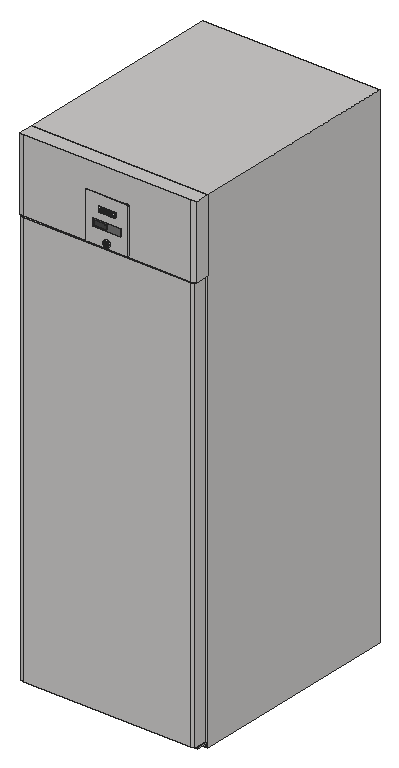
Revit family "QF_ZANUSSI_110888_ZRI093RE1FR", category Specialty Equipment, Revit 2018
Family settings
  Round Connector Dimension = Use Diameter
  Part Type = Normal
  Work Plane-Based = No
  Always vertical = Yes
  Cut with Voids When Loaded = No
  Shared = No
  Room Calculation Point = No
Parameters (values of type "Standard")
  Weight = 133.00 kg
  Watts = 12.0774 W
  Volts = 220 V
  URL Manufacturer = "http://www.zanussiprofessional.com"
  URL = "http://www.zanussiprofessional.com"
  Steam Supply Size = 0 mm
  Steam Supply Minimum Pressure = 0.0 Pa
  Steam Supply Maximum Pressure = 0.0 Pa
  Steam Pounds per Hour = 0
  Refrigeration Suction Line Size = 0.032 mm
  Refrigeration Liquid Line Size = 0.02 mm
  Refrigerant Compressor Remote = yes
  Manufacturer = "Zanussi"
  Phase = 1
  Model = "ZRI093RE1FR"
  Length Actual = 750 mm  # constant formula
  Item Number = "110888"
  Hot Water Size = 0 mm
  Height Actual = 2111 mm  # constant formula
  HP = "0.2 HP"
  Gas Size = 0 mm
  Gas KW = 0
  Gas Input Pressure = 0 W
  Description = "1-DOOR ROLL-IN REFRIGERATOR 930LT 0/+10°C REMOTE"
  Depth Actual = 986 mm  # constant formula
  Cycle = 60 Hz
  Condensate Return Size = 0 mm
  Compressed Air Volume = 0.0 L/s
  Compressed Air Size = 0 mm
  Compressed Air Pressure = 0.0 Pa
  Cold Water Size = 0 mm
  Accessory = yes
Types (2, lengths in mm): name | URL | Manufacturer | Phase | Model | Description
  (no name) | 0 | 0 | 0 | 0 | 0
  Standard | "http://www.zanussiprofessional.com" | "Zanussi" | 1 | "ZRI093RE1FR" | "1-DOOR ROLL-IN REFRIGERATOR 930LT 0/+10°C REMOTE"
Values of the unnamed type that differ from the named types
  Watts = 0 W
  Volts = 0 V
  URL Manufacturer = ""
  Item Number = ""
  HP = ""
  Cycle = 0 Hz
Reference planes
  plane 1 "Center (Front/Back)": y = 0
  plane 2: z = 0
  plane 3 "Center (Left/Right)": x = 0
  plane 4 "TOP": z = 2111
  plane 5 "FRONT": y = -493
  plane 6 "BACK": y = 493
  plane 7 "LEFT": x = -375
  plane 8 "RIGHT": x = 375
  plane 9 "ROy": y = 241
  plane 10 "RIy": y = 270
  plane 11 "ROx": x = 135
  plane 12 "RIx": x = 208
  plane 13 "ROz": z = 2004
Forms (mm)
  Extrusion 1, solid, material "QF_Finishes_Stainless Steel"
    sketch origin (0, 0, 0) x (1, 0, 0) y (0, 1, 0)
      loop
        line (-375, 493) -> (-375, -421) -> (375, -421) -> (375, 493) -> (-375, 493)
    from 0 to 2111
  Extrusion 2, solid
    sketch origin (0, 493, 1872) x (-1, 0, 0) y (0, 0, 1)
      loop
        circle (359, 144) r 10
    from 0 to 3.2
  Extrusion 3, solid, material "QF_Clearances", detail levels coarse
    sketch origin (0, 0, 0) x (1, 0, 0) y (0, 1, 0)
      loop
        line (-375, -493) -> (-375, 493) -> (375, 493) -> (375, -493) -> (425, -493) -> (425, 543) -> (-425, 543) -> (-425, -493) -> (-375, -493)
    from 0 to 2111
  Extrusion 4, solid, material "QF_Clearances", detail levels coarse
    sketch origin (0, 0, 2111) x (-1, 0, 0) y (0, -1, 0)
      loop
        line (425, -543) -> (425, 493) -> (-425, 493) -> (-425, -543) -> (425, -543)
    from 0 to 500
  Extrusion 5, void
    sketch origin (0, 493, 0) x (-1, 0, 0) y (0, 0, 1)
      loop
        line (315, 1723.5) -> (-315, 1723.5) -> (-315, 5) -> (315, 5) -> (315, 1723.5)
    from -59 to -914
  Extrusion 6, solid, material "QF_Finishes_Stainless Steel"
    sketch origin (0, 0, 2111) x (-1, 0, 0) y (0, -1, 0)
      loop
        circle (-208, -270) r 3
    from -213 to -103
  Extrusion 7, solid, material "QF_Finishes_Stainless Steel"
    sketch origin (0, 0, 0) x (0, 1, 0) y (0, 0, 1)
      loop
        circle (241, 2004) r 4.9
    from 157.649 to 134
Cuts and joins
  joined: Extrusion 3, Extrusion 4
  Extrusion 5 cuts Extrusion 1
Lines and regions (mm)
  symbolic lines, style "QF_Clearances", detail levels coarse
    curve 1: line (-375, -493, 2111) -> (-425, -493, 2111)
    curve 2: line (-425, -493, 2111) -> (-425, 543, 2111)
    curve 3: line (-425, 543, 2111) -> (425, 543, 2111)
    curve 4: line (425, 543, 2111) -> (425, -493, 2111)
    curve 5: line (425, -493, 2111) -> (375, -493, 2111)
Dimensions and locks
  plane 6 "BACK" to plane 1 "Center (Front/Back)" to plane 5 "FRONT" = 493 mm, 493 mm
  equal spacing: plane 7 "LEFT", plane 3 "Center (Left/Right)", plane 8 "RIGHT"
  plane 7 "LEFT" to plane 8 "RIGHT" = 750 mm
  plane 6 "BACK" to plane 5 "FRONT" = 986 mm
  plane 4 "TOP" to plane 2 = 2111 mm
  equal spacing: plane 8 "RIGHT", plane 3 "Center (Left/Right)", plane 7 "LEFT"
  plane 6 "BACK" to nested 1 = 1664 mm
  cut or joined group of Extrusion 1, Extrusion 5 to cut or joined group of Extrusion 1, Extrusion 5 = 630 mm
  cut or joined group of Extrusion 1, Extrusion 5 to cut or joined group of Extrusion 1, Extrusion 5 = 855 mm
  plane 6 "BACK" to plane 10 "RIy" = 223 mm
  plane 6 "BACK" to plane 9 "ROy" = 252 mm
  plane 12 "RIx" to cut or joined group of Extrusion 1, Extrusion 5 = 167 mm
  plane 11 "ROx" to plane 12 "RIx" = 73 mm
  cut or joined group of Extrusion 1, Extrusion 5 to plane 13 "ROz" = 107 mm
  cut or joined group of Extrusion 3, Extrusion 4 to plane 4 "TOP" = 500 mm
  nested 1 to cut or joined group of Extrusion 1, Extrusion 5 = 980 mm
  nested 1 to nested 1 = 16 mm
  cut or joined group of Extrusion 3, Extrusion 4 to cut or joined group of Extrusion 1, Extrusion 5 = 50 mm
  cut or joined group of Extrusion 3, Extrusion 4 to plane 7 "LEFT" = 50 mm
  cut or joined group of Extrusion 1, Extrusion 5 to cut or joined group of Extrusion 3, Extrusion 4 = 50 mm
  plane 4 "TOP" to plane 13 "ROz" = 107 mm
  aligned and locked: level to plane 2
Automatic sketch dimensions
  plane 7 "LEFT" to Extrusion 2 sketch curve = 16 mm
  Extrusion 4 sketch curve to plane 5 "FRONT" = 0 mm
  Extrusion 4 sketch curve to plane 8 "RIGHT" = 50 mm
  Extrusion 4 sketch curve to plane 7 "LEFT" = 50 mm
  plane 6 "BACK" to Extrusion 4 sketch curve = 50 mm
  Extrusion 1 sketch curve to plane 7 "LEFT" = 0 mm
  Extrusion 1 sketch curve to plane 8 "RIGHT" = 0 mm
  Extrusion 1 sketch curve to plane 6 "BACK" = 0 mm
  plane 5 "FRONT" to Extrusion 1 sketch curve = 72 mm
  Extrusion 2 sketch curve to plane 4 "TOP" = 95 mm
  Extrusion 3 sketch curve to plane 5 "FRONT" = 0 mm  (x2)
  Extrusion 3 sketch curve to plane 7 "LEFT" = 0 mm
  Extrusion 3 sketch curve to plane 6 "BACK" = 0 mm
  Extrusion 3 sketch curve to plane 8 "RIGHT" = 0 mm
  Extrusion 3 sketch curve to plane 7 "LEFT" = 50 mm
  Extrusion 3 sketch curve to plane 8 "RIGHT" = 50 mm
  plane 6 "BACK" to Extrusion 3 sketch curve = 50 mm
  level to Extrusion 5 sketch curve = 5 mm
  plane 8 "RIGHT" to Extrusion 5 sketch curve = 60 mm
  plane 7 "LEFT" to Extrusion 5 sketch curve = 60 mm
  Extrusion 5 sketch curve to plane 4 "TOP" = 387.5 mm
  Extrusion 6 sketch curve to plane 10 "RIy" = 0 mm
  Extrusion 6 sketch curve to plane 12 "RIx" = 0 mm
  Extrusion 7 sketch curve to plane 9 "ROy" = 0 mm
  Extrusion 7 sketch curve to plane 13 "ROz" = 0 mm
  curve 4 to plane 5 "FRONT" = 0 mm
  curve 5 to plane 8 "RIGHT" = 0 mm
  curve 1 to plane 5 "FRONT" = 0 mm
  curve 1 to plane 7 "LEFT" = 0 mm
  curve 4 to plane 8 "RIGHT" = 50 mm
  curve 2 to plane 7 "LEFT" = 50 mm
  plane 6 "BACK" to curve 4 = 50 mm
  radius of Extrusion 2 sketch curve = 10 mm
  radius of Extrusion 6 sketch curve = 3 mm
  radius of Extrusion 7 sketch curve = 4.9 mm
Nested families
  nested 1: "QF_110888_Door" at (0, -421, 1060.5) x (1, 0, 0) z (0, -1, 0), type "QF_110888_Door"
    with Show Clearance yes
  nested 2: "Refrigerator" at (370, -442.5, 110), type "Refrigerator"
Connectors
  electrical at (-359, 496.2, 2016), driven by "Volts"
    settings: on Extrusion 2, index 2, voltage 220 V, apparent load 0 VA, apparent load phase1 0 VA, apparent load phase2 0 VA, apparent load phase3 0 VA, power factor 1, load classification "Other", number of poles 1, system type 30, power factor state 1, is connector primary yes, connector utility no, sub classification motor no, connector description "Electrical Connection"
  piping at (208, 270, 2008), diameter 6
    settings: on Extrusion 6, index 3, connector inside diameter 609.6 mm, connector length 0 mm, flow factor 0, pipe flow 0.0 L/s, pressure drop 0.0 Pa, fitting loss kfactor 0, connector angle 0.00°, fixture units 0, engagement length 0 mm, angle of deflection 0.00°, flow configuration 1, flow direction 1, fitting loss method 0, system type 7, joint type 0, gender type 0, connector reference index -1, connector utility 0, adjustable connector no, is connector primary yes, connector description "Refrigerant Inlet"
  piping at (134, 241, 2004), diameter 9.8
    settings: on Extrusion 7, index 4, connector inside diameter 609.6 mm, connector length 0 mm, flow factor 0, pipe flow 0.0 L/s, pressure drop 0.0 Pa, fitting loss kfactor 0, connector angle 0.00°, fixture units 0, engagement length 0 mm, angle of deflection 0.00°, flow configuration 1, flow direction 2, fitting loss method 0, system type 7, joint type 0, gender type 0, connector reference index -1, connector utility 0, adjustable connector no, is connector primary no, connector description "Refrigerant Outlet"
Definition of nested family "QF_110888_Door"
  Parameters
    Show Clearance [instance] = yes
    Model = "110888"
    Default Elevation = 1219.2 mm
  Reference planes
    plane 1 "Center (Front/Back)": y = 7.5
    plane 2: z = 0
    plane 3 "Center (Left/Right)": x = 0
  Forms (mm)
    Extrusion 1, solid
      sketch origin (0, -919.2, 0) x (1, 0, 0) y (0, 1, 0)
        loop
          line (-740, 2119.2) -> (-740, -324.806) -> (846.344, -324.806) -> (846.344, 2119.2) -> (-740, 2119.2)
      from 0 to -59.546
    Extrusion 2, solid
      sketch origin (0, 7.5, 0) x (1, 0, 0) y (0, 0, 1)
        loop
          line (-375, 60.667) -> (-375, 0) -> (375, 0) -> (375, 60.667) -> (355, 66) -> (-355, 66) -> (-375, 60.667)
      from -1043 to -733
    Extrusion 3, solid
      sketch origin (0, 7.5, 0) x (1, 0, 0) y (0, 0, 1)
        loop
          line (-370, 62) -> (-370, 26) -> (-348, 26) -> (-348, 8) -> (-330, 8) -> (-330, 0) -> (362, 0) -> (362, 8) -> (370, 8) -> (370, 62) -> (355, 66) -> (-355, 66) -> (-370, 62)
      from -726 to 1043
    Extrusion 4, solid
      sketch origin (147, -721.5, 0) x (0, 1, 0) y (0, 0, 1)
        loop
          line (-323.003, 40.312) -> (-316.501, 40.312) -> (-316.501, 42.812) -> (-325.503, 42.812) -> (-325.503, 2.5) -> (-339, 2.5) -> (-339, 0) -> (-323.003, 0) -> (-323.003, 12.259) -> (-323.003, 40.312)
        loop
          line (-314, 38.311) -> (-316.501, 38.311) -> (-316.501, 14.304) -> (-319.752, 14.304) -> (-319.752, 11.804) -> (-314, 11.804) -> (-314, 38.311)
      from 185 to 220
    Extrusion 5, solid
      sketch origin (147, 499.597, 0) x (0, 1, 0) y (0, 0, 1)
        loop
          line (233.903, 27.948) -> (233.903, 2.948) -> (233.903, 0) -> (240.903, 0) -> (240.903, 2.5) -> (236.403, 2.5) -> (236.403, 27.948) -> (233.903, 27.948)
      from 185 to 220
    Extrusion 6, solid, detail levels coarse
      sketch origin (24, 1013.369, -334) x (-1, 0, 0) y (0, 0, -1)
        loop
          line (-367, -352) -> (-367, -1084) -> (-329, -1084) -> (-329, -1062) -> (-311, -1062) -> (-311, -1044) -> (-303, -1044) -> (-303, -400) -> (-351, -400) -> (-351, -352) -> (-367, -352)
      from 2048.869 to 279.869
    Extrusion 7, solid, detail levels coarse
      sketch origin (41, 1123.369, -334) x (1, 0, 0) y (0, 0, 1)
        loop
          line (286, 400) -> (286, 1044) -> (294, 1044) -> (294, 1062) -> (312, 1062) -> (312, 1084)
          arc (312, 1084) -> (-184.675, 884.882) -> (-411, 400) r 727.877
          line (-411, 400) -> (286, 400)
      from 2158.869 to 389.869
  Lines and regions (mm)
    symbolic lines
      curve 1: line (-375, 7.5, 0) -> (-375, 7.5, 60.667)
      curve 2: line (375, 7.5, 0) -> (-375, 7.5, 0)
      curve 3: line (391, 7.5, 18) -> (391, 7.5, 750)
      curve 4: line (327, 7.5, 66) -> (327, 7.5, 710)
      curve 5: line (391, 7.5, 750) -> (353, 7.5, 750)
      curve 6: line (353, 7.5, 728) -> (353, 7.5, 750)
      curve 7: line (335, 7.5, 728) -> (353, 7.5, 728)
      curve 8: line (335, 7.5, 710) -> (335, 7.5, 728)
      curve 9: line (327, 7.5, 710) -> (335, 7.5, 710)
      curve 10: line (375, 7.5, 18) -> (391, 7.5, 18)
      curve 11: arc (353, 7.5, 750) -> (-143.675, 7.5, 550.882) -> (-370, 7.5, 66) r 727.877
      curve 12: line (375, 7.5, 0) -> (375, 7.5, 60.667)
      curve 13: line (-355, 7.5, 66) -> (-375, 7.5, 60.667)
      curve 14: line (355, 7.5, 66) -> (-355, 7.5, 66)
      curve 15: line (375, 7.5, 60.667) -> (355, 7.5, 66)
  Dimensions and locks
    Extrusion 4 to Extrusion 2 = 2111 mm
    Extrusion 3 to Extrusion 3 = 740 mm
    aligned and locked: plane 2 to Extrusion 1
    aligned and locked: level to Extrusion 1
  Nested families
    nested 1: "QF_DisplayNewRollCabinets_ZAN" at (0, 840.5, 66), type "QF_DisplayNewRollCabinets_ZAN"
      with Show Clearance yes
  Definition of nested family "QF_DisplayNewRollCabinets_ZAN"
    Parameters
      Show Clearance [instance] = yes
      Model = "728658"
      Default Elevation = 1219.2 mm
    Reference planes
      plane 1 "Center (Front/Back)": y = 0
      plane 2: z = 0
      plane 3 "Center (Left/Right)": x = 0
    Forms (mm)
      Extrusion 1, solid
        sketch origin (0, -919.2, 0) x (1, 0, 0) y (0, 1, 0)
          loop
            line (-198.75, 1146.2) -> (-198.75, 709.567) -> (165.741, 709.567) -> (165.741, 1146.2) -> (-198.75, 1146.2)
        from 0 to -59.546
      Extrusion 2, solid
        sketch origin (-59, -79.611, 0) x (0, 1, 0) y (-1, 0, 0)
          loop
            circle (0.611, -59) r 14
          loop
            circle (0.611, -59) r 10
        from 1.6 to 6
      Extrusion 3, solid
        sketch origin (744.635, 285.889, 0) x (0, 1, 0) y (-1, 0, 0)
          loop
            circle (-364.889, 744.635) r 10
          loop
            circle (-364.889, 744.635) r 9
        from 1.6 to 6
      Extrusion 4, solid
        sketch origin (744.635, 285.889, 0) x (0, 1, 0) y (-1, 0, 0)
          loop
            circle (-364.889, 744.635) r 8.7
        from 1.6 to 6
      Extrusion 5, void
        sketch origin (744.635, 285.889, 0) x (0, 1, 0) y (-1, 0, 0)
          loop
            line (-372.339, 745.885) -> (-372.339, 743.385) -> (-362.339, 743.385) -> (-362.339, 745.885) -> (-372.339, 745.885)
        from 3 to 7
      Extrusion 6, solid
        sketch origin (0, 0, 0) x (1, 0, 0) y (0, 1, 0)
          loop
            arc (-90, -95) -> (-88.536, -98.536) -> (-85, -100) r 5
            line (-85, -100) -> (85, -100)
            arc (85, -100) -> (88.536, -98.536) -> (90, -95) r 5
            line (90, -95) -> (90, 95)
            arc (90, 95) -> (88.536, 98.536) -> (85, 100) r 5
            line (85, 100) -> (-85, 100)
            arc (-85, 100) -> (-88.536, 98.536) -> (-90, 95) r 5
            line (-90, 95) -> (-90, -95)
          loop
            line (-60, -3.798) -> (-60, -32.827) -> (60, -32.827) -> (60, -3.798) -> (-60, -3.798)
        from 0 to 1.6
      Extrusion 7, solid
        sketch origin (0, 0, 0) x (1, 0, 0) y (0, 1, 0)
          loop
            line (-60, -3.798) -> (-60, -32.827) -> (60, -32.827) -> (60, -3.798) -> (-60, -3.798)
          loop
            line (-56.428, -8.037) -> (-56.428, -28.331) -> (0, -28.331) -> (0, -8.037) -> (-56.428, -8.037)
        from 0 to 1.6
      Extrusion 8, solid
        sketch origin (0, 0, 0) x (1, 0, 0) y (0, 1, 0)
          loop
            line (-56.428, -8.037) -> (-56.428, -28.331) -> (0, -28.331) -> (0, -8.037) -> (-56.428, -8.037)
        from 0 to 1.6
      Extrusion 9, solid
        sketch origin (0, 15, 0) x (1, 0, 0) y (0, 1, 0)
          loop
            line (-24.658, 16.724) -> (-24.658, 20.689) -> (-30.605, 20.689) -> (-24.658, 32.81) -> (-24.658, 36.095) -> (-34.514, 36.095) -> (-34.514, 32.47) -> (-29.303, 32.583) -> (-34.967, 20.689) -> (-34.967, 16.724) -> (-24.658, 16.724)
          loop
            line (-18.968, 23.974) -> (-16.702, 23.974) -> (-17.835, 32.784) -> (-18.968, 23.974)
          loop
            line (-19.988, 16.724) -> (-19.421, 20.462) -> (-16.136, 20.462) -> (-15.57, 16.724) -> (-11.491, 16.724) -> (-15.116, 36.095) -> (-20.554, 36.095) -> (-24.066, 16.724) -> (-19.988, 16.724)
          loop
            line (-10.989, 36.095) -> (-10.989, 16.724) -> (-7.478, 16.724) -> (-7.478, 29.525) -> (-4.192, 16.724) -> (0.113, 16.724) -> (0.113, 36.095) -> (-3.512, 36.095) -> (-3.512, 23.747) -> (-6.798, 36.095) -> (-10.989, 36.095)
          loop
            arc (1.019, 21.515) -> (5.865, 16.692) -> (11.328, 20.802) r 5.22
            line (11.328, 20.802) -> (11.328, 36.095) -> (7.363, 36.095) -> (7.363, 21.708)
            arc (7.363, 21.708) -> (6.321, 20.507) -> (4.984, 21.368) r 1.214
            line (4.984, 21.368) -> (4.984, 36.095) -> (1.019, 36.095) -> (1.019, 21.515)
          loop
            line (18.691, 29.978) -> (22.43, 29.978) -> (22.491, 31.739)
            arc (22.491, 31.739) -> (22.231, 33.702) -> (20.999, 35.254) r 3.719
            arc (20.999, 35.254) -> (17.381, 36.433) -> (13.762, 35.254) r 6.139
            arc (13.762, 35.254) -> (12.287, 32.389) -> (12.47, 29.172) r 6.125
            arc (12.47, 29.172) -> (13.682, 27.393) -> (15.169, 25.838) r 13.068
            line (15.169, 25.838) -> (16.84, 24.357)
            arc (16.84, 24.357) -> (17.826, 23.519) -> (18.593, 22.477) r 5.571
            arc (18.593, 22.477) -> (18.403, 20.654) -> (16.617, 20.247) r 1.573
            arc (16.617, 20.247) -> (16.079, 20.792) -> (15.849, 21.521) r 1.631
            arc (15.849, 21.521) -> (15.831, 22.035) -> (15.849, 22.549) r 7.441
            arc (15.849, 22.549) -> (15.866, 23.035) -> (15.849, 23.521) r 7.03
            line (15.849, 23.521) -> (11.894, 23.521)
            arc (11.894, 23.521) -> (11.932, 20.748) -> (13.025, 18.199) r 7.131
            arc (13.025, 18.199) -> (18.19, 16.728) -> (22.54, 19.877) r 6.148
            arc (22.54, 19.877) -> (22.619, 23.128) -> (21.224, 26.067) r 7.021
            line (21.224, 26.067) -> (16.879, 29.978)
            arc (16.879, 29.978) -> (16.291, 30.717) -> (15.976, 31.606) r 2.858
            arc (15.976, 31.606) -> (17.094, 33.203) -> (18.691, 32.085) r 1.379
            line (18.691, 32.085) -> (18.691, 29.978)
          loop
            line (29.989, 29.978) -> (33.728, 29.978) -> (33.789, 31.739)
            arc (33.789, 31.739) -> (33.529, 33.702) -> (32.297, 35.254) r 3.719
            arc (32.297, 35.254) -> (28.679, 36.433) -> (25.061, 35.254) r 6.139
            arc (25.061, 35.254) -> (23.585, 32.389) -> (23.768, 29.172) r 6.125
            arc (23.768, 29.172) -> (24.98, 27.393) -> (26.468, 25.838) r 13.068
            line (26.468, 25.838) -> (28.138, 24.357)
            arc (28.138, 24.357) -> (29.125, 23.519) -> (29.892, 22.477) r 5.571
            arc (29.892, 22.477) -> (29.702, 20.654) -> (27.915, 20.247) r 1.573
            arc (27.915, 20.247) -> (27.378, 20.792) -> (27.147, 21.521) r 1.631
            arc (27.147, 21.521) -> (27.13, 22.035) -> (27.147, 22.549) r 7.441
            arc (27.147, 22.549) -> (27.164, 23.035) -> (27.147, 23.521) r 7.03
            line (27.147, 23.521) -> (23.192, 23.521)
            arc (23.192, 23.521) -> (23.231, 20.748) -> (24.324, 18.199) r 7.131
            arc (24.324, 18.199) -> (29.488, 16.728) -> (33.838, 19.877) r 6.148
            arc (33.838, 19.877) -> (33.917, 23.128) -> (32.523, 26.067) r 7.021
            line (32.523, 26.067) -> (28.177, 29.978)
            arc (28.177, 29.978) -> (27.589, 30.717) -> (27.274, 31.606) r 2.858
            arc (27.274, 31.606) -> (28.393, 33.203) -> (29.989, 32.085) r 1.379
            line (29.989, 32.085) -> (29.989, 29.978)
          loop
            line (34.551, 36.095) -> (34.551, 16.724) -> (38.516, 16.724) -> (38.516, 36.095) -> (34.551, 36.095)
        from 1.6 to 3.2
      Extrusion 10, solid
        sketch origin (0, 0, 0) x (1, 0, 0) y (0, 1, 0)
          loop
            line (1.25, -86.45) -> (1.25, -76.45) -> (-1.25, -76.45) -> (-1.25, -86.45) -> (1.25, -86.45)
        from 1.6 to 6
    Cuts and joins
      Extrusion 5 cuts Extrusion 4
    Lines and regions (mm)
      symbolic lines
        curve 1: line (52.518, 0, 4) -> (-53.037, 0, 4)
        curve 2: line (40, 0, 4) -> (40, 0, 6)
        curve 3: line (40, 0, 6) -> (-40, 0, 6)
        curve 4: line (-40, 0, 6) -> (-40, 0, 4)
        curve 5: line (-64.765, 0, 0) -> (-53.037, 0, 4)
        curve 6: line (52.518, 0, 4) -> (64.135, 0, 0)
    Dimensions and locks
      aligned and locked: plane 2 to Extrusion 1
      aligned and locked: level to Extrusion 1
Definition of nested family "Refrigerator"
  Reference planes
    plane 1 "Center (Front/Back)": y = 0
    plane 2: z = 0
    plane 3 "Center (Left/Right)": x = 0
  Lines and regions (mm)
    detail lines, in view "Ref. Level"
      curve 1: spline (-500, 190, 0) -> (-493.185, 166.706, 0) -> (-473.205, 145, 0) -> (-441.421, 126.36, 0) -> (-400, 112.058, 0) -> (-351.764, 103.067, 0) -> (-300, 100, 0) -> (-248.236, 103.067, 0) -> (-200, 112.058, 0) -> (-158.579, 126.36, 0) -> (-126.795, 145, 0) -> (-106.815, 166.706, 0) -> (-100, 190, 0) -> (-106.815, 213.294, 0) -> (-126.795, 235, 0) -> (-158.579, 253.64, 0) -> (-200, 267.942, 0) -> (-248.236, 276.933, 0) -> (-300, 280, 0) -> (-351.764, 276.933, 0) -> (-400, 267.942, 0) -> (-441.421, 253.64, 0) -> (-473.205, 235, 0) -> (-493.185, 213.294, 0) -> (-500, 190, 0)
      curve 2: line (-300, 130, 0) -> (-300, 250, 0)
      curve 3: line (-351.962, 220, 0) -> (-248.038, 160, 0)
      curve 4: line (-351.962, 160, 0) -> (-248.038, 220, 0)
      curve 5: line (-280.884, 246.873, 0) -> (-300, 225, 0)
      curve 6: line (-300, 225, 0) -> (-319.116, 246.873, 0)
      curve 7: line (-330.311, 207.5, 0) -> (-339.696, 234.992, 0)
      curve 8: line (-358.812, 201.882, 0) -> (-330.311, 207.5, 0)
      curve 9: line (-330.311, 172.5, 0) -> (-358.812, 178.118, 0)
      curve 10: line (-339.696, 145.008, 0) -> (-330.311, 172.5, 0)
      curve 11: line (-300, 155, 0) -> (-319.116, 133.127, 0)
      curve 12: line (-280.884, 133.127, 0) -> (-300, 155, 0)
      curve 13: line (-269.689, 172.5, 0) -> (-260.304, 145.008, 0)
      curve 14: line (-241.188, 178.118, 0) -> (-269.689, 172.5, 0)
      curve 15: line (-269.689, 207.5, 0) -> (-241.188, 201.882, 0)
      curve 16: line (-260.304, 234.992, 0) -> (-269.689, 207.5, 0)
